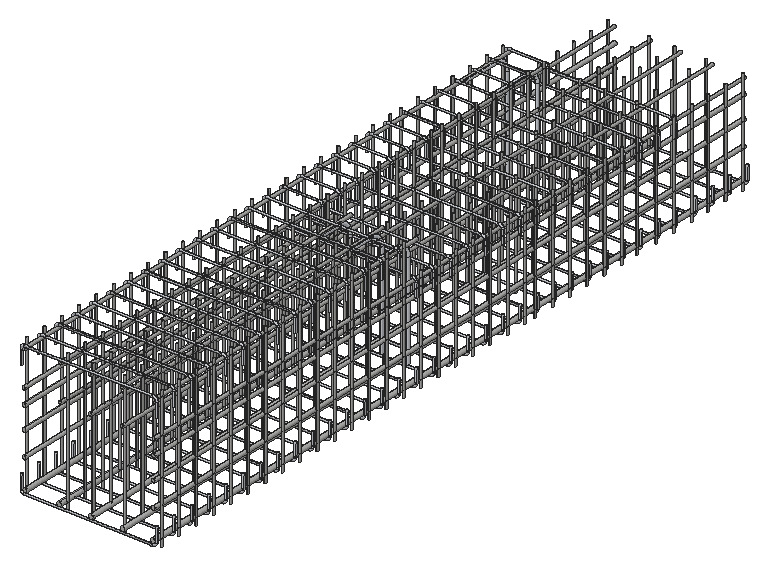
Revit family "261_Каркас пространственный КП4", category Обобщенные модели, Revit 2016 (continued)
Definition of nested family "261_Каркас плоский КР 32"
  Nested families
    nested 30: "361_Арматурная форма 1" at (4170, 377.5, 0) x (0, 1, 0) z (0, 0, 1), Орг.ИдентификацияЭлемента1 <- "Орг.ИдентификацияЭлемента1", Орг.ИдентификацияЭлемента <- "Орг.ИдентификацияЭлемента", Мрк.МаркаКонструкции <- "Мрк.МаркаКонструкции", Мрк.МаркаИзделия3 <- "Мрк.МаркаИзделия3", Мрк.МаркаИзделия2 <- "Мрк.МаркаИзделия2", Мрк.МаркаИзделия1 <- "Мрк.МаркаИзделия1", Мрк.МаркаИзделия <- "Мрк.МаркаИзделия", Орг.УровеньТекстовый <- "Орг.УровеньТекстовый", Орг.ОбознчТома(Комплекта) <- "Орг.ОбознчТома(Комплекта)", Орг.НомерЛистаЭлемента <- "Орг.НомерЛистаЭлемента", type "Параметрический"
      with Рзм.Длина 725 mm, Рзм.Диаметр 12 mm, Орг.УровеньТекстовый "", Орг.ОбознчТома(Комплекта) "", Орг.НомерЛистаЭлемента "", Орг.ИзделиеТипПодсчета 2, Орг.ИдентификацияЭлемента1 "", Орг.ИдентификацияЭлемента "", Мрк.Обозначение "ГОСТ 5781-82", Мрк.Наименование "Ø12 А240 ГОСТ 5781-82", Мрк.МаркаКонструкции "", Мрк.МаркаИзделия3 "", Мрк.МаркаИзделия2 "", Мрк.МаркаИзделия1 "", Мрк.МаркаИзделия "", Мрк.Марка "6", Арм.РазмерR 0 mm, Арм.РазмерJ 0 mm, Арм.РазмерG 0 mm, Арм.РазмерF 0 mm, Арм.РазмерE 0 mm, Арм.РазмерD 0 mm, Арм.РазмерC 0 mm, Арм.РазмерB 0 mm, Арм.РазмерA 725 mm, Арм.ПогМетрыВкл no, Арм.КоэфНахлеста 1, Арм.Класс 1240
    nested 31: "361_Арматурная форма 1" at (4335, 377.5, 0) x (0, 1, 0) z (0, 0, 1), Орг.ИдентификацияЭлемента1 <- "Орг.ИдентификацияЭлемента1", Орг.ИдентификацияЭлемента <- "Орг.ИдентификацияЭлемента", Мрк.МаркаКонструкции <- "Мрк.МаркаКонструкции", Мрк.МаркаИзделия3 <- "Мрк.МаркаИзделия3", Мрк.МаркаИзделия2 <- "Мрк.МаркаИзделия2", Мрк.МаркаИзделия1 <- "Мрк.МаркаИзделия1", Мрк.МаркаИзделия <- "Мрк.МаркаИзделия", Орг.УровеньТекстовый <- "Орг.УровеньТекстовый", Орг.ОбознчТома(Комплекта) <- "Орг.ОбознчТома(Комплекта)", Орг.НомерЛистаЭлемента <- "Орг.НомерЛистаЭлемента", type "Параметрический"
      with Рзм.Длина 725 mm, Рзм.Диаметр 12 mm, Орг.УровеньТекстовый "", Орг.ОбознчТома(Комплекта) "", Орг.НомерЛистаЭлемента "", Орг.ИзделиеТипПодсчета 2, Орг.ИдентификацияЭлемента1 "", Орг.ИдентификацияЭлемента "", Мрк.Обозначение "ГОСТ 5781-82", Мрк.Наименование "Ø12 А240 ГОСТ 5781-82", Мрк.МаркаКонструкции "", Мрк.МаркаИзделия3 "", Мрк.МаркаИзделия2 "", Мрк.МаркаИзделия1 "", Мрк.МаркаИзделия "", Мрк.Марка "6", Арм.РазмерR 0 mm, Арм.РазмерJ 0 mm, Арм.РазмерG 0 mm, Арм.РазмерF 0 mm, Арм.РазмерE 0 mm, Арм.РазмерD 0 mm, Арм.РазмерC 0 mm, Арм.РазмерB 0 mm, Арм.РазмерA 725 mm, Арм.ПогМетрыВкл no, Арм.КоэфНахлеста 1, Арм.Класс 1240
    nested 32: "361_Арматурная форма 1" at (4485, 377.5, 0) x (0, 1, 0) z (0, 0, 1), Орг.ИдентификацияЭлемента1 <- "Орг.ИдентификацияЭлемента1", Орг.ИдентификацияЭлемента <- "Орг.ИдентификацияЭлемента", Мрк.МаркаКонструкции <- "Мрк.МаркаКонструкции", Мрк.МаркаИзделия3 <- "Мрк.МаркаИзделия3", Мрк.МаркаИзделия2 <- "Мрк.МаркаИзделия2", Мрк.МаркаИзделия1 <- "Мрк.МаркаИзделия1", Мрк.МаркаИзделия <- "Мрк.МаркаИзделия", Орг.УровеньТекстовый <- "Орг.УровеньТекстовый", Орг.ОбознчТома(Комплекта) <- "Орг.ОбознчТома(Комплекта)", Орг.НомерЛистаЭлемента <- "Орг.НомерЛистаЭлемента", type "Параметрический"
      with Рзм.Длина 725 mm, Рзм.Диаметр 12 mm, Орг.УровеньТекстовый "", Орг.ОбознчТома(Комплекта) "", Орг.НомерЛистаЭлемента "", Орг.ИзделиеТипПодсчета 2, Орг.ИдентификацияЭлемента1 "", Орг.ИдентификацияЭлемента "", Мрк.Обозначение "ГОСТ 5781-82", Мрк.Наименование "Ø12 А240 ГОСТ 5781-82", Мрк.МаркаКонструкции "", Мрк.МаркаИзделия3 "", Мрк.МаркаИзделия2 "", Мрк.МаркаИзделия1 "", Мрк.МаркаИзделия "", Мрк.Марка "6", Арм.РазмерR 0 mm, Арм.РазмерJ 0 mm, Арм.РазмерG 0 mm, Арм.РазмерF 0 mm, Арм.РазмерE 0 mm, Арм.РазмерD 0 mm, Арм.РазмерC 0 mm, Арм.РазмерB 0 mm, Арм.РазмерA 725 mm, Арм.ПогМетрыВкл no, Арм.КоэфНахлеста 1, Арм.Класс 1240
    nested 33: "361_Арматурная форма 1" at (4645, 377.5, 0) x (0, 1, 0) z (0, 0, 1), Орг.ИдентификацияЭлемента1 <- "Орг.ИдентификацияЭлемента1", Орг.ИдентификацияЭлемента <- "Орг.ИдентификацияЭлемента", Мрк.МаркаКонструкции <- "Мрк.МаркаКонструкции", Мрк.МаркаИзделия3 <- "Мрк.МаркаИзделия3", Мрк.МаркаИзделия2 <- "Мрк.МаркаИзделия2", Мрк.МаркаИзделия1 <- "Мрк.МаркаИзделия1", Мрк.МаркаИзделия <- "Мрк.МаркаИзделия", Орг.УровеньТекстовый <- "Орг.УровеньТекстовый", Орг.ОбознчТома(Комплекта) <- "Орг.ОбознчТома(Комплекта)", Орг.НомерЛистаЭлемента <- "Орг.НомерЛистаЭлемента", type "Параметрический"
      with Рзм.Длина 725 mm, Рзм.Диаметр 12 mm, Орг.УровеньТекстовый "", Орг.ОбознчТома(Комплекта) "", Орг.НомерЛистаЭлемента "", Орг.ИзделиеТипПодсчета 2, Орг.ИдентификацияЭлемента1 "", Орг.ИдентификацияЭлемента "", Мрк.Обозначение "ГОСТ 5781-82", Мрк.Наименование "Ø12 А240 ГОСТ 5781-82", Мрк.МаркаКонструкции "", Мрк.МаркаИзделия3 "", Мрк.МаркаИзделия2 "", Мрк.МаркаИзделия1 "", Мрк.МаркаИзделия "", Мрк.Марка "6", Арм.РазмерR 0 mm, Арм.РазмерJ 0 mm, Арм.РазмерG 0 mm, Арм.РазмерF 0 mm, Арм.РазмерE 0 mm, Арм.РазмерD 0 mm, Арм.РазмерC 0 mm, Арм.РазмерB 0 mm, Арм.РазмерA 725 mm, Арм.ПогМетрыВкл no, Арм.КоэфНахлеста 1, Арм.Класс 1240
    nested 34: "361_Арматурная форма 1" at (4785, 377.5, 0) x (0, 1, 0) z (0, 0, 1), Орг.ИдентификацияЭлемента1 <- "Орг.ИдентификацияЭлемента1", Орг.ИдентификацияЭлемента <- "Орг.ИдентификацияЭлемента", Мрк.МаркаКонструкции <- "Мрк.МаркаКонструкции", Мрк.МаркаИзделия3 <- "Мрк.МаркаИзделия3", Мрк.МаркаИзделия2 <- "Мрк.МаркаИзделия2", Мрк.МаркаИзделия1 <- "Мрк.МаркаИзделия1", Мрк.МаркаИзделия <- "Мрк.МаркаИзделия", Орг.УровеньТекстовый <- "Орг.УровеньТекстовый", Орг.ОбознчТома(Комплекта) <- "Орг.ОбознчТома(Комплекта)", Орг.НомерЛистаЭлемента <- "Орг.НомерЛистаЭлемента", type "Параметрический"
      with Рзм.Длина 725 mm, Рзм.Диаметр 12 mm, Орг.УровеньТекстовый "", Орг.ОбознчТома(Комплекта) "", Орг.НомерЛистаЭлемента "", Орг.ИзделиеТипПодсчета 2, Орг.ИдентификацияЭлемента1 "", Орг.ИдентификацияЭлемента "", Мрк.Обозначение "ГОСТ 5781-82", Мрк.Наименование "Ø12 А240 ГОСТ 5781-82", Мрк.МаркаКонструкции "", Мрк.МаркаИзделия3 "", Мрк.МаркаИзделия2 "", Мрк.МаркаИзделия1 "", Мрк.МаркаИзделия "", Мрк.Марка "6", Арм.РазмерR 0 mm, Арм.РазмерJ 0 mm, Арм.РазмерG 0 mm, Арм.РазмерF 0 mm, Арм.РазмерE 0 mm, Арм.РазмерD 0 mm, Арм.РазмерC 0 mm, Арм.РазмерB 0 mm, Арм.РазмерA 725 mm, Арм.ПогМетрыВкл no, Арм.КоэфНахлеста 1, Арм.Класс 1240
    nested 35: "361_Арматурная форма 1" at (4935, 377.5, 0) x (0, 1, 0) z (0, 0, 1), Орг.ИдентификацияЭлемента1 <- "Орг.ИдентификацияЭлемента1", Орг.ИдентификацияЭлемента <- "Орг.ИдентификацияЭлемента", Мрк.МаркаКонструкции <- "Мрк.МаркаКонструкции", Мрк.МаркаИзделия3 <- "Мрк.МаркаИзделия3", Мрк.МаркаИзделия2 <- "Мрк.МаркаИзделия2", Мрк.МаркаИзделия1 <- "Мрк.МаркаИзделия1", Мрк.МаркаИзделия <- "Мрк.МаркаИзделия", Орг.УровеньТекстовый <- "Орг.УровеньТекстовый", Орг.ОбознчТома(Комплекта) <- "Орг.ОбознчТома(Комплекта)", Орг.НомерЛистаЭлемента <- "Орг.НомерЛистаЭлемента", type "Параметрический"
      with Рзм.Длина 725 mm, Рзм.Диаметр 12 mm, Орг.УровеньТекстовый "", Орг.ОбознчТома(Комплекта) "", Орг.НомерЛистаЭлемента "", Орг.ИзделиеТипПодсчета 2, Орг.ИдентификацияЭлемента1 "", Орг.ИдентификацияЭлемента "", Мрк.Обозначение "ГОСТ 5781-82", Мрк.Наименование "Ø12 А240 ГОСТ 5781-82", Мрк.МаркаКонструкции "", Мрк.МаркаИзделия3 "", Мрк.МаркаИзделия2 "", Мрк.МаркаИзделия1 "", Мрк.МаркаИзделия "", Мрк.Марка "6", Арм.РазмерR 0 mm, Арм.РазмерJ 0 mm, Арм.РазмерG 0 mm, Арм.РазмерF 0 mm, Арм.РазмерE 0 mm, Арм.РазмерD 0 mm, Арм.РазмерC 0 mm, Арм.РазмерB 0 mm, Арм.РазмерA 725 mm, Арм.ПогМетрыВкл no, Арм.КоэфНахлеста 1, Арм.Класс 1240
    nested 36: "361_Арматурная форма 1" at (5085, 377.5, 0) x (0, 1, 0) z (0, 0, 1), Орг.ИдентификацияЭлемента1 <- "Орг.ИдентификацияЭлемента1", Орг.ИдентификацияЭлемента <- "Орг.ИдентификацияЭлемента", Мрк.МаркаКонструкции <- "Мрк.МаркаКонструкции", Мрк.МаркаИзделия3 <- "Мрк.МаркаИзделия3", Мрк.МаркаИзделия2 <- "Мрк.МаркаИзделия2", Мрк.МаркаИзделия1 <- "Мрк.МаркаИзделия1", Мрк.МаркаИзделия <- "Мрк.МаркаИзделия", Орг.УровеньТекстовый <- "Орг.УровеньТекстовый", Орг.ОбознчТома(Комплекта) <- "Орг.ОбознчТома(Комплекта)", Орг.НомерЛистаЭлемента <- "Орг.НомерЛистаЭлемента", type "Параметрический"
      with Рзм.Длина 725 mm, Рзм.Диаметр 12 mm, Орг.УровеньТекстовый "", Орг.ОбознчТома(Комплекта) "", Орг.НомерЛистаЭлемента "", Орг.ИзделиеТипПодсчета 2, Орг.ИдентификацияЭлемента1 "", Орг.ИдентификацияЭлемента "", Мрк.Обозначение "ГОСТ 5781-82", Мрк.Наименование "Ø12 А240 ГОСТ 5781-82", Мрк.МаркаКонструкции "", Мрк.МаркаИзделия3 "", Мрк.МаркаИзделия2 "", Мрк.МаркаИзделия1 "", Мрк.МаркаИзделия "", Мрк.Марка "6", Арм.РазмерR 0 mm, Арм.РазмерJ 0 mm, Арм.РазмерG 0 mm, Арм.РазмерF 0 mm, Арм.РазмерE 0 mm, Арм.РазмерD 0 mm, Арм.РазмерC 0 mm, Арм.РазмерB 0 mm, Арм.РазмерA 725 mm, Арм.ПогМетрыВкл no, Арм.КоэфНахлеста 1, Арм.Класс 1240
    nested 37: "361_Арматурная форма 1" at (1137.5, 940, -16) x (-1, 0, 0) z (0, 0, 1), Орг.ИдентификацияЭлемента1 <- "Орг.ИдентификацияЭлемента1", Орг.ИдентификацияЭлемента <- "Орг.ИдентификацияЭлемента", Мрк.МаркаКонструкции <- "Мрк.МаркаКонструкции", Мрк.МаркаИзделия3 <- "Мрк.МаркаИзделия3", Мрк.МаркаИзделия2 <- "Мрк.МаркаИзделия2", Мрк.МаркаИзделия1 <- "Мрк.МаркаИзделия1", Мрк.МаркаИзделия <- "Мрк.МаркаИзделия", Орг.УровеньТекстовый <- "Орг.УровеньТекстовый", Орг.ОбознчТома(Комплекта) <- "Орг.ОбознчТома(Комплекта)", Орг.НомерЛистаЭлемента <- "Орг.НомерЛистаЭлемента", type "Параметрический"
      with Рзм.Длина 2275 mm, Рзм.Диаметр 20 mm, Орг.УровеньТекстовый "", Орг.ОбознчТома(Комплекта) "", Орг.НомерЛистаЭлемента "", Орг.ИзделиеТипПодсчета 2, Орг.ИдентификацияЭлемента1 "", Орг.ИдентификацияЭлемента "", Мрк.Обозначение "ГОСТ 5781-82", Мрк.Наименование "Ø20 А240 ГОСТ 5781-82", Мрк.МаркаКонструкции "", Мрк.МаркаИзделия3 "", Мрк.МаркаИзделия2 "", Мрк.МаркаИзделия1 "", Мрк.МаркаИзделия "", Мрк.Марка "4", Арм.РазмерR 0 mm, Арм.РазмерJ 0 mm, Арм.РазмерG 0 mm, Арм.РазмерF 0 mm, Арм.РазмерE 0 mm, Арм.РазмерD 0 mm, Арм.РазмерC 0 mm, Арм.РазмерB 0 mm, Арм.РазмерA 2275 mm, Арм.ПогМетрыВкл no, Арм.КоэфНахлеста 1, Арм.Класс 1240
    nested 38: "361_Арматурная форма 1" at (125, 500, 0) x (-1, 0, 0) z (0, 0, 1), type "Параметрический", not visible
      with Рзм.Длина 4225 mm, Рзм.Диаметр 10 mm, Орг.УровеньТекстовый "", Орг.ОбознчТома(Комплекта) "", Орг.НомерЛистаЭлемента "", Орг.ИзделиеТипПодсчета 1, Орг.ИдентификацияЭлемента1 "", Орг.ИдентификацияЭлемента "", Мрк.Обозначение "ГОСТ 5781-82", Мрк.Наименование "Ø10 А240 ГОСТ 5781-82", Мрк.МаркаКонструкции "", Мрк.МаркаИзделия3 "", Мрк.МаркаИзделия2 "", Мрк.МаркаИзделия1 "", Мрк.МаркаИзделия "", Мрк.Марка "", Арм.РазмерR 0 mm, Арм.РазмерJ 0 mm, Арм.РазмерG 0 mm, Арм.РазмерF 0 mm, Арм.РазмерE 0 mm, Арм.РазмерD 0 mm, Арм.РазмерC 0 mm, Арм.РазмерB 0 mm, Арм.РазмерA 4225 mm, Арм.ПогМетрыВкл no, Арм.КоэфНахлеста 1, Арм.Класс 1240
    nested 39: "361_Арматурная форма 1" at (2560, 695, -16) x (-1, 0, 0) z (0, 0, 1), Орг.ИдентификацияЭлемента1 <- "Орг.ИдентификацияЭлемента1", Орг.ИдентификацияЭлемента <- "Орг.ИдентификацияЭлемента", Мрк.МаркаКонструкции <- "Мрк.МаркаКонструкции", Мрк.МаркаИзделия3 <- "Мрк.МаркаИзделия3", Мрк.МаркаИзделия2 <- "Мрк.МаркаИзделия2", Мрк.МаркаИзделия1 <- "Мрк.МаркаИзделия1", Мрк.МаркаИзделия <- "Мрк.МаркаИзделия", Орг.УровеньТекстовый <- "Орг.УровеньТекстовый", Орг.ОбознчТома(Комплекта) <- "Орг.ОбознчТома(Комплекта)", Орг.НомерЛистаЭлемента <- "Орг.НомерЛистаЭлемента", type "Параметрический"
      with Рзм.Длина 5120 mm, Рзм.Диаметр 20 mm, Орг.УровеньТекстовый "", Орг.ОбознчТома(Комплекта) "", Орг.НомерЛистаЭлемента "", Орг.ИзделиеТипПодсчета 2, Орг.ИдентификацияЭлемента1 "", Орг.ИдентификацияЭлемента "", Мрк.Обозначение "ГОСТ 5781-82", Мрк.Наименование "Ø20 А240 ГОСТ 5781-82", Мрк.МаркаКонструкции "", Мрк.МаркаИзделия3 "", Мрк.МаркаИзделия2 "", Мрк.МаркаИзделия1 "", Мрк.МаркаИзделия "", Мрк.Марка "3", Арм.РазмерR 0 mm, Арм.РазмерJ 0 mm, Арм.РазмерG 0 mm, Арм.РазмерF 0 mm, Арм.РазмерE 0 mm, Арм.РазмерD 0 mm, Арм.РазмерC 0 mm, Арм.РазмерB 0 mm, Арм.РазмерA 5120 mm, Арм.ПогМетрыВкл no, Арм.КоэфНахлеста 1, Арм.Класс 1240
    nested 40: "361_Арматурная форма 1" at (2560, 60, -22) x (-1, 0, 0) z (0, 0, 1), Орг.ИдентификацияЭлемента1 <- "Орг.ИдентификацияЭлемента1", Орг.ИдентификацияЭлемента <- "Орг.ИдентификацияЭлемента", Мрк.МаркаКонструкции <- "Мрк.МаркаКонструкции", Мрк.МаркаИзделия3 <- "Мрк.МаркаИзделия3", Мрк.МаркаИзделия2 <- "Мрк.МаркаИзделия2", Мрк.МаркаИзделия1 <- "Мрк.МаркаИзделия1", Мрк.МаркаИзделия <- "Мрк.МаркаИзделия", Орг.УровеньТекстовый <- "Орг.УровеньТекстовый", Орг.ОбознчТома(Комплекта) <- "Орг.ОбознчТома(Комплекта)", Орг.НомерЛистаЭлемента <- "Орг.НомерЛистаЭлемента", type "Параметрический"
      with Рзм.Длина 5120 mm, Рзм.Диаметр 32 mm, Орг.УровеньТекстовый "", Орг.ОбознчТома(Комплекта) "", Орг.НомерЛистаЭлемента "", Орг.ИзделиеТипПодсчета 2, Орг.ИдентификацияЭлемента1 "", Орг.ИдентификацияЭлемента "", Мрк.Обозначение "ГОСТ 5781-82", Мрк.Наименование "Арматура не специфицирована", Мрк.МаркаКонструкции "", Мрк.МаркаИзделия3 "", Мрк.МаркаИзделия2 "", Мрк.МаркаИзделия1 "", Мрк.МаркаИзделия "", Мрк.Марка "1", Арм.РазмерR 0 mm, Арм.РазмерJ 0 mm, Арм.РазмерG 0 mm, Арм.РазмерF 0 mm, Арм.РазмерE 0 mm, Арм.РазмерD 0 mm, Арм.РазмерC 0 mm, Арм.РазмерB 0 mm, Арм.РазмерA 5120 mm, Арм.ПогМетрыВкл no, Арм.КоэфНахлеста 1, Арм.Класс 1240
    nested 41: "361_Арматурная форма 1" at (2560, 590, -18.5) x (-1, 0, 0) z (0, 0, 1), Орг.ИдентификацияЭлемента1 <- "Орг.ИдентификацияЭлемента1", Орг.ИдентификацияЭлемента <- "Орг.ИдентификацияЭлемента", Мрк.МаркаКонструкции <- "Мрк.МаркаКонструкции", Мрк.МаркаИзделия3 <- "Мрк.МаркаИзделия3", Мрк.МаркаИзделия2 <- "Мрк.МаркаИзделия2", Мрк.МаркаИзделия1 <- "Мрк.МаркаИзделия1", Мрк.МаркаИзделия <- "Мрк.МаркаИзделия", Орг.УровеньТекстовый <- "Орг.УровеньТекстовый", Орг.ОбознчТома(Комплекта) <- "Орг.ОбознчТома(Комплекта)", Орг.НомерЛистаЭлемента <- "Орг.НомерЛистаЭлемента", type "Параметрический"
      with Рзм.Длина 5120 mm, Рзм.Диаметр 25 mm, Орг.УровеньТекстовый "", Орг.ОбознчТома(Комплекта) "", Орг.НомерЛистаЭлемента "", Орг.ИзделиеТипПодсчета 2, Орг.ИдентификацияЭлемента1 "", Орг.ИдентификацияЭлемента "", Мрк.Обозначение "ГОСТ 5781-82", Мрк.Наименование "Арматура не специфицирована", Мрк.МаркаКонструкции "", Мрк.МаркаИзделия3 "", Мрк.МаркаИзделия2 "", Мрк.МаркаИзделия1 "", Мрк.МаркаИзделия "", Мрк.Марка "2", Арм.РазмерR 0 mm, Арм.РазмерJ 0 mm, Арм.РазмерG 0 mm, Арм.РазмерF 0 mm, Арм.РазмерE 0 mm, Арм.РазмерD 0 mm, Арм.РазмерC 0 mm, Арм.РазмерB 0 mm, Арм.РазмерA 5120 mm, Арм.ПогМетрыВкл no, Арм.КоэфНахлеста 1, Арм.Класс 1240
    nested 42: "361_Арматурная форма 1" at (2560, 435, -18.5) x (-1, 0, 0) z (0, 0, 1), Орг.ИдентификацияЭлемента1 <- "Орг.ИдентификацияЭлемента1", Орг.ИдентификацияЭлемента <- "Орг.ИдентификацияЭлемента", Мрк.МаркаКонструкции <- "Мрк.МаркаКонструкции", Мрк.МаркаИзделия3 <- "Мрк.МаркаИзделия3", Мрк.МаркаИзделия2 <- "Мрк.МаркаИзделия2", Мрк.МаркаИзделия1 <- "Мрк.МаркаИзделия1", Мрк.МаркаИзделия <- "Мрк.МаркаИзделия", Орг.УровеньТекстовый <- "Орг.УровеньТекстовый", Орг.ОбознчТома(Комплекта) <- "Орг.ОбознчТома(Комплекта)", Орг.НомерЛистаЭлемента <- "Орг.НомерЛистаЭлемента", type "Параметрический"
      with Рзм.Длина 5120 mm, Рзм.Диаметр 25 mm, Орг.УровеньТекстовый "", Орг.ОбознчТома(Комплекта) "", Орг.НомерЛистаЭлемента "", Орг.ИзделиеТипПодсчета 2, Орг.ИдентификацияЭлемента1 "", Орг.ИдентификацияЭлемента "", Мрк.Обозначение "ГОСТ 5781-82", Мрк.Наименование "Арматура не специфицирована", Мрк.МаркаКонструкции "", Мрк.МаркаИзделия3 "", Мрк.МаркаИзделия2 "", Мрк.МаркаИзделия1 "", Мрк.МаркаИзделия "", Мрк.Марка "2", Арм.РазмерR 0 mm, Арм.РазмерJ 0 mm, Арм.РазмерG 0 mm, Арм.РазмерF 0 mm, Арм.РазмерE 0 mm, Арм.РазмерD 0 mm, Арм.РазмерC 0 mm, Арм.РазмерB 0 mm, Арм.РазмерA 5120 mm, Арм.ПогМетрыВкл no, Арм.КоэфНахлеста 1, Арм.Класс 1240
    nested 43: "361_Арматурная форма 1" at (2560, 265, -18.5) x (-1, 0, 0) z (0, 0, 1), Орг.ИдентификацияЭлемента1 <- "Орг.ИдентификацияЭлемента1", Орг.ИдентификацияЭлемента <- "Орг.ИдентификацияЭлемента", Мрк.МаркаКонструкции <- "Мрк.МаркаКонструкции", Мрк.МаркаИзделия3 <- "Мрк.МаркаИзделия3", Мрк.МаркаИзделия2 <- "Мрк.МаркаИзделия2", Мрк.МаркаИзделия1 <- "Мрк.МаркаИзделия1", Мрк.МаркаИзделия <- "Мрк.МаркаИзделия", Орг.УровеньТекстовый <- "Орг.УровеньТекстовый", Орг.ОбознчТома(Комплекта) <- "Орг.ОбознчТома(Комплекта)", Орг.НомерЛистаЭлемента <- "Орг.НомерЛистаЭлемента", type "Параметрический"
      with Рзм.Длина 5120 mm, Рзм.Диаметр 25 mm, Орг.УровеньТекстовый "", Орг.ОбознчТома(Комплекта) "", Орг.НомерЛистаЭлемента "", Орг.ИзделиеТипПодсчета 2, Орг.ИдентификацияЭлемента1 "", Орг.ИдентификацияЭлемента "", Мрк.Обозначение "ГОСТ 5781-82", Мрк.Наименование "Арматура не специфицирована", Мрк.МаркаКонструкции "", Мрк.МаркаИзделия3 "", Мрк.МаркаИзделия2 "", Мрк.МаркаИзделия1 "", Мрк.МаркаИзделия "", Мрк.Марка "2", Арм.РазмерR 0 mm, Арм.РазмерJ 0 mm, Арм.РазмерG 0 mm, Арм.РазмерF 0 mm, Арм.РазмерE 0 mm, Арм.РазмерD 0 mm, Арм.РазмерC 0 mm, Арм.РазмерB 0 mm, Арм.РазмерA 5120 mm, Арм.ПогМетрыВкл no, Арм.КоэфНахлеста 1, Арм.Класс 1240
  Definition of nested family "361_Арматурная форма 1"
    Parameters (values of type "Параметрический")
      Рзм.Длина [instance] = Арм.РазмерA  # 495 mm
      Рзм.Диаметр [instance] = 10 mm
      Default Elevation = 100 mm
      Орг.УровеньТекстовый [instance] = ""
      Орг.ОбознчТома(Комплекта) [instance] = ""
      Орг.НомерЛистаЭлемента [instance] = ""
      Орг.ИзделиеТипПодсчета [instance] = 1
      Орг.ИдентификацияЭлемента1 [instance] = ""
      Орг.ИдентификацияЭлемента [instance] = ""
      Мсв.Количество = 1  # constant formula
      Мрк.Обозначение [instance] = if(Арм.Класс = 1240, "ГОСТ 5781-82", if(Арм.Класс = 1400, "ГОСТ 5781-82", if(Арм.Класс = 150019, " ГОСТ Р 52544-2006", if(Арм.Класс = 160019, " СТО АСЧМ 7-93", "Арматура не специфицирована"))))  # "ГОСТ 5781-82"
      Мрк.Наименование [instance] = if(and(Арм.Класс = 1240, Рзм.Диаметр = 6 mm), "Ø6 А240 ГОСТ 5781-82", if(and(Арм.Класс = 1240, Рзм.Диаметр = 8 mm), "Ø8 А240 ГОСТ 5781-82", if(and(Арм.Класс = 1240, Рзм.Диаметр = 10 mm), "Ø10 А240 ГОСТ 5781-82", if(and(Арм.Класс = 1240, Рзм.Диаметр = 12 mm), "Ø12 А240 ГОСТ 5781-82", if(and(Арм.Класс = 1240, Рзм.Диаметр = 14 mm), "Ø14 А240 ГОСТ 5781-82", if(and(Арм.Класс = 1240, Рзм.Диаметр = 16 mm), "Ø16 А240 ГОСТ 5781-82", if(and(Арм.Класс = 1240, Рзм.Диаметр = 18 mm), "Ø18 А240 ГОСТ 5781-82", if(and(Арм.Класс = 1240, Рзм.Диаметр = 20 mm), "Ø20 А240 ГОСТ 5781-82", if(and(Арм.Класс = 1400, Рзм.Диаметр = 6 mm), "Ø6 А400 ГОСТ 5781-82", if(and(Арм.Класс = 1400, Рзм.Диаметр = 8 mm), "Ø8 А400 ГОСТ 5781-82", if(and(Арм.Класс = 1400, Рзм.Диаметр = 10 mm), "Ø10 А400 ГОСТ 5781-82", if(and(Арм.Класс = 1400, Рзм.Диаметр = 12 mm), "Ø12 А400 ГОСТ 5781-82", if(and(Арм.Класс = 1400, Рзм.Диаметр = 14 mm), "Ø14 А400 ГОСТ 5781-82", if(and(Арм.Класс = 1400, Рзм.Диаметр = 16 mm), "Ø16 А400 ГОСТ 5781-82", if(and(Арм.Класс = 1400, Рзм.Диаметр = 18 mm), "Ø18 А400 ГОСТ 5781-82", if(and(Арм.Класс = 1400, Рзм.Диаметр = 20 mm), "Ø20 А400 ГОСТ 5781-82", if(and(Арм.Класс = 1400, Рзм.Диаметр = 22 mm), "Ø22 А400 ГОСТ 5781-82", if(and(Арм.Класс = 1400, Рзм.Диаметр = 25 mm), "Ø25 А400 ГОСТ 5781-82", if(and(Арм.Класс = 1400, Рзм.Диаметр = 28 mm), "Ø28 А400 ГОСТ 5781-82", if(and(Арм.Класс = 1400, Рзм.Диаметр = 32 mm), "Ø32 А400 ГОСТ 5781-82", if(and(Арм.Класс = 1400, Рзм.Диаметр = 36 mm), "Ø36 А400 ГОСТ 5781-82", if(and(Арм.Класс = 1400, Рзм.Диаметр = 40 mm), "Ø40 А400 ГОСТ 5781-82", if(and(Арм.Класс = 150019, Рзм.Диаметр = 10 mm), "Ø10 А500С ГОСТ Р 52544-2006", if(and(Арм.Класс = 150019, Рзм.Диаметр = 12 mm), "Ø12 А500С ГОСТ Р 52544-2006", if(and(Арм.Класс = 150019, Рзм.Диаметр = 14 mm), "Ø14 А500С ГОСТ Р 52544-2006", if(and(Арм.Класс = 150019, Рзм.Диаметр = 16 mm), "Ø16 А500С ГОСТ Р 52544-2006", if(and(Арм.Класс = 150019, Рзм.Диаметр = 18 mm), "Ø18 А500С ГОСТ Р 52544-2006", if(and(Арм.Класс = 150019, Рзм.Диаметр = 20 mm), "Ø20 А500С ГОСТ Р 52544-2006", if(and(Арм.Класс = 150019, Рзм.Диаметр = 22 mm), "Ø22 А500С ГОСТ Р 52544-2006", if(and(Арм.Класс = 150019, Рзм.Диаметр = 25 mm), "Ø25 А500С ГОСТ Р 52544-2006", if(and(Арм.Класс = 150019, Рзм.Диаметр = 28 mm), "Ø28 А500С ГОСТ Р 52544-2006", if(and(Арм.Класс = 150019, Рзм.Диаметр = 32 mm), "Ø32 А500С ГОСТ Р 52544-2006", if(and(Арм.Класс = 150019, Рзм.Диаметр = 36 mm), "Ø36 А500С ГОСТ Р 52544-2006", if(and(Арм.Класс = 150019, Рзм.Диаметр = 40 mm), "Ø40 А500С ГОСТ Р 52544-2006", if(and(Арм.Класс = 160019, Рзм.Диаметр = 10 mm), "Ø10 А600С СТО АСЧМ 7-93", if(and(Арм.Класс = 160019, Рзм.Диаметр = 12 mm), "Ø12 А600С СТО АСЧМ 7-93", if(and(Арм.Класс = 160019, Рзм.Диаметр = 14 mm), "Ø14 А600С СТО АСЧМ 7-93", if(and(Арм.Класс = 160019, Рзм.Диаметр = 16 mm), "Ø16 А600С СТО АСЧМ 7-93", if(and(Арм.Класс = 160019, Рзм.Диаметр = 18 mm), "Ø18 А600С СТО АСЧМ 7-93", if(and(Арм.Класс = 160019, Рзм.Диаметр = 20 mm), "Ø20 А600С СТО АСЧМ 7-93", if(and(Арм.Класс = 160019, Рзм.Диаметр = 22 mm), "Ø22 А600С СТО АСЧМ 7-93", if(and(Арм.Класс = 160019, Рзм.Диаметр = 25 mm), "Ø25 А600С СТО АСЧМ 7-93", if(and(Арм.Класс = 160019, Рзм.Диаметр = 28 mm), "Ø28 А600С СТО АСЧМ 7-93", if(and(Арм.Класс = 160019, Рзм.Диаметр = 32 mm), "Ø32 А600С СТО АСЧМ 7-93", if(and(Арм.Класс = 160019, Рзм.Диаметр = 36 mm), "Ø36 А600С СТО АСЧМ 7-93", if(and(Арм.Класс = 160019, Рзм.Диаметр = 40 mm), "Ø40 А600С СТО АСЧМ 7-93", "Арматура не специфицирована"))))))))))))))))))))))))))))))))))))))))))))))  # "Ø10 А240 ГОСТ 5781-82"
      Мрк.МаркаКонструкции [instance] = ""
      Мрк.МаркаИзделия3 [instance] = ""
      Мрк.МаркаИзделия2 [instance] = ""
      Мрк.МаркаИзделия1 [instance] = ""
      Мрк.МаркаИзделия [instance] = ""
      Мрк.Марка [instance] = ""
      Type Comments = ""
      Арм.РазмерR [instance] = 0 mm
      Арм.РазмерJ [instance] = 0 mm
      Арм.РазмерG [instance] = 0 mm
      Арм.РазмерF [instance] = 0 mm
      Арм.РазмерE [instance] = 0 mm
      Арм.РазмерD [instance] = 0 mm
      Арм.РазмерC [instance] = 0 mm
      Арм.РазмерB [instance] = 0 mm
      Арм.РазмерA [instance] = 495 mm
      Арм.ПогМетрыВкл [instance] = no
      Арм.КоэфНахлеста [instance] = 1
      Арм.Класс [instance] = 1240
      Арм.ВыполненаСемейством = 1 = 1  # yes
    Reference planes
      plane 1 "Вперед/Назад": y = 0
      plane 2 "Опорный уровень": z = 0
      plane 3: x = 0
      plane 4 "Правая": x = 247.5
      plane 5 "Левая": x = -247.5
    Forms (mm)
      Sweep 1, solid, detail levels medium+fine
        path origin (0, 0, 0) x (1, 0, 0) y (0, 1, 0)
          loop
            line (-247.5, 0) -> (247.5, 0)
        profile origin (0, 0, 0) x (0, 1, 0) y (0, 0, 1)
          loop
            circle (0, 0) r 5
    Dimensions and locks
      "Арм.РазмерA": plane 5 "Левая" to plane 4 "Правая"
      equal spacing: plane 5 "Левая", plane 3, plane 4 "Правая"
      "Рзм.Диаметр": diameter of Sweep 1 sketch curve
      aligned and locked: plane 4 "Правая" to Sweep 1 sketch curve
      aligned and locked: plane 1 "Вперед/Назад" to Sweep 1 sketch curve
      aligned and locked: plane 5 "Левая" to Sweep 1 sketch curve
    Automatic sketch dimensions
      Sweep 1 sketch curve to level = 0 mm
      Sweep 1 sketch curve to profile plane = 0 mm
    Nested families
      nested 1: "Разрез сетржня" at (0, 0, 0) x (0, -1, 0) z (1, 0, 0), type "Разрез сетржня", detail levels medium+fine
        with Диаметр 10 mm
    Definition of nested family "Разрез сетржня"
      Parameters (values of type "Разрез сетржня")
        Диаметр = 600 mm
      Reference planes
        plane 1 "По центру (Вперед/Назад)": y = 0
        plane 2: z = 0
        plane 3 "По центру (Влево/Вправо)": x = 0
      Lines and regions (mm)
        Filled region 1, type "Сплошная заливка - Черный", in view "Опорный уровень"
          outline origin (0, 0, 0) x (1, 0, 0) y (0, 1, 0)
            loop
              circle (0, 0) r 300
        detail lines, in view "Опорный уровень"
          curve 1: circle (0, 0, 0) r 300 normal (0, 0, 1)
      Dimensions and locks
        "Диаметр": diameter of curve 1
        aligned and locked: Filled region 1 sketch curve to curve 1
      Automatic sketch dimensions
        plane 1 "По центру (Вперед/Назад)" to curve 1 = 0 mm
        curve 1 to plane 3 "По центру (Влево/Вправо)" = 0 mm
  Definition of nested family "361_Арматурная форма 2"
    Parameters (values of type "Параметрический")
      Рзм.РасчетныйРадиус [instance] = Арм.РазмерR + Рзм.Диаметр / 2  # 105 mm
      Рзм.Длина [instance] = Арм.РазмерA + Арм.РазмерB - 2 * (Арм.РазмерR * tan(90.00° / 2)) + ((Арм.РазмерR * pi() * 90.00°) / 180.00°)  # 972.08 mm
      Рзм.Диаметр [instance] = 10 mm
      Default Elevation = 1219.2 mm
      Орг.УровеньТекстовый [instance] = ""
      Орг.ОбознчТома(Комплекта) [instance] = ""
      Орг.НомерЛистаЭлемента [instance] = ""
      Орг.ИзделиеТипПодсчета [instance] = 0
      Орг.ИдентификацияЭлемента2 [instance] = ""
      Орг.ИдентификацияЭлемента1 [instance] = ""
      Орг.ИдентификацияЭлемента [instance] = ""
      Мсв.Количество [instance] = 1  # constant formula
      Мрк.Обозначение [instance] = if(Арм.Класс = 1240, "ГОСТ 5781-82", if(Арм.Класс = 1400, "ГОСТ 5781-82", if(Арм.Класс = 150019, " ГОСТ Р 52544-2006", if(Арм.Класс = 160019, " СТО АСЧМ 7-93", "Арматура не специфицирована"))))  # "ГОСТ 5781-82"
      Мрк.Наименование [instance] = if(and(Арм.Класс = 1240, Рзм.Диаметр = 6 mm), "Ø6 А240 ГОСТ 5781-82", if(and(Арм.Класс = 1240, Рзм.Диаметр = 8 mm), "Ø8 А240 ГОСТ 5781-82", if(and(Арм.Класс = 1240, Рзм.Диаметр = 10 mm), "Ø10 А240 ГОСТ 5781-82", if(and(Арм.Класс = 1240, Рзм.Диаметр = 12 mm), "Ø12 А240 ГОСТ 5781-82", if(and(Арм.Класс = 1240, Рзм.Диаметр = 14 mm), "Ø14 А240 ГОСТ 5781-82", if(and(Арм.Класс = 1240, Рзм.Диаметр = 16 mm), "Ø16 А240 ГОСТ 5781-82", if(and(Арм.Класс = 1240, Рзм.Диаметр = 18 mm), "Ø18 А240 ГОСТ 5781-82", if(and(Арм.Класс = 1240, Рзм.Диаметр = 20 mm), "Ø20 А240 ГОСТ 5781-82", if(and(Арм.Класс = 1400, Рзм.Диаметр = 6 mm), "Ø6 А400 ГОСТ 5781-82", if(and(Арм.Класс = 1400, Рзм.Диаметр = 8 mm), "Ø8 А400 ГОСТ 5781-82", if(and(Арм.Класс = 1400, Рзм.Диаметр = 10 mm), "Ø10 А400 ГОСТ 5781-82", if(and(Арм.Класс = 1400, Рзм.Диаметр = 12 mm), "Ø12 А400 ГОСТ 5781-82", if(and(Арм.Класс = 1400, Рзм.Диаметр = 14 mm), "Ø14 А400 ГОСТ 5781-82", if(and(Арм.Класс = 1400, Рзм.Диаметр = 16 mm), "Ø16 А400 ГОСТ 5781-82", if(and(Арм.Класс = 1400, Рзм.Диаметр = 18 mm), "Ø18 А400 ГОСТ 5781-82", if(and(Арм.Класс = 1400, Рзм.Диаметр = 20 mm), "Ø20 А400 ГОСТ 5781-82", if(and(Арм.Класс = 1400, Рзм.Диаметр = 22 mm), "Ø22 А400 ГОСТ 5781-82", if(and(Арм.Класс = 1400, Рзм.Диаметр = 25 mm), "Ø25 А400 ГОСТ 5781-82", if(and(Арм.Класс = 1400, Рзм.Диаметр = 28 mm), "Ø28 А400 ГОСТ 5781-82", if(and(Арм.Класс = 1400, Рзм.Диаметр = 32 mm), "Ø32 А400 ГОСТ 5781-82", if(and(Арм.Класс = 1400, Рзм.Диаметр = 36 mm), "Ø36 А400 ГОСТ 5781-82", if(and(Арм.Класс = 1400, Рзм.Диаметр = 40 mm), "Ø40 А400 ГОСТ 5781-82", if(and(Арм.Класс = 150019, Рзм.Диаметр = 10 mm), "Ø10 А500С ГОСТ Р 52544-2006", if(and(Арм.Класс = 150019, Рзм.Диаметр = 12 mm), "Ø12 А500С ГОСТ Р 52544-2006", if(and(Арм.Класс = 150019, Рзм.Диаметр = 14 mm), "Ø14 А500С ГОСТ Р 52544-2006", if(and(Арм.Класс = 150019, Рзм.Диаметр = 16 mm), "Ø16 А500С ГОСТ Р 52544-2006", if(and(Арм.Класс = 150019, Рзм.Диаметр = 18 mm), "Ø18 А500С ГОСТ Р 52544-2006", if(and(Арм.Класс = 150019, Рзм.Диаметр = 20 mm), "Ø20 А500С ГОСТ Р 52544-2006", if(and(Арм.Класс = 150019, Рзм.Диаметр = 22 mm), "Ø22 А500С ГОСТ Р 52544-2006", if(and(Арм.Класс = 150019, Рзм.Диаметр = 25 mm), "Ø25 А500С ГОСТ Р 52544-2006", if(and(Арм.Класс = 150019, Рзм.Диаметр = 28 mm), "Ø28 А500С ГОСТ Р 52544-2006", if(and(Арм.Класс = 150019, Рзм.Диаметр = 32 mm), "Ø32 А500С ГОСТ Р 52544-2006", if(and(Арм.Класс = 150019, Рзм.Диаметр = 36 mm), "Ø36 А500С ГОСТ Р 52544-2006", if(and(Арм.Класс = 150019, Рзм.Диаметр = 40 mm), "Ø40 А500С ГОСТ Р 52544-2006", if(and(Арм.Класс = 160019, Рзм.Диаметр = 10 mm), "Ø10 А600С СТО АСЧМ 7-93", if(and(Арм.Класс = 160019, Рзм.Диаметр = 12 mm), "Ø12 А600С СТО АСЧМ 7-93", if(and(Арм.Класс = 160019, Рзм.Диаметр = 14 mm), "Ø14 А600С СТО АСЧМ 7-93", if(and(Арм.Класс = 160019, Рзм.Диаметр = 16 mm), "Ø16 А600С СТО АСЧМ 7-93", if(and(Арм.Класс = 160019, Рзм.Диаметр = 18 mm), "Ø18 А600С СТО АСЧМ 7-93", if(and(Арм.Класс = 160019, Рзм.Диаметр = 20 mm), "Ø20 А600С СТО АСЧМ 7-93", if(and(Арм.Класс = 160019, Рзм.Диаметр = 22 mm), "Ø22 А600С СТО АСЧМ 7-93", if(and(Арм.Класс = 160019, Рзм.Диаметр = 25 mm), "Ø25 А600С СТО АСЧМ 7-93", if(and(Арм.Класс = 160019, Рзм.Диаметр = 28 mm), "Ø28 А600С СТО АСЧМ 7-93", if(and(Арм.Класс = 160019, Рзм.Диаметр = 32 mm), "Ø32 А600С СТО АСЧМ 7-93", if(and(Арм.Класс = 160019, Рзм.Диаметр = 36 mm), "Ø36 А600С СТО АСЧМ 7-93", if(and(Арм.Класс = 160019, Рзм.Диаметр = 40 mm), "Ø40 А600С СТО АСЧМ 7-93", "Арматура не специфицирована"))))))))))))))))))))))))))))))))))))))))))))))  # "Ø10 А240 ГОСТ 5781-82"
      Мрк.МаркаКонструкции [instance] = ""
      Мрк.МаркаИзделия3 [instance] = ""
      Мрк.МаркаИзделия2 [instance] = ""
      Мрк.МаркаИзделия1 [instance] = ""
      Мрк.МаркаИзделия [instance] = ""
      Мрк.Марка [instance] = ""
      Type Comments = ""
      Арм.ЭскизФормы = 0
      Арм.РазмерR [instance] = 100 mm
      Арм.РазмерJ [instance] = 0 mm
      Арм.РазмерG [instance] = 0 mm
      Арм.РазмерF [instance] = 0 mm
      Арм.РазмерE [instance] = 0 mm
      Арм.РазмерD [instance] = 0 mm
      Арм.РазмерC [instance] = 0 mm
      Арм.РазмерB [instance] = 520 mm
      Арм.РазмерA [instance] = 495 mm
      Арм.ПогМетрыВкл [instance] = no
      Арм.КоэфНахлеста [instance] = 1
      Арм.Класс [instance] = 1240
      Арм.ВыполненаСемейством = 1 = 1  # yes
    Reference planes
      plane 1 "Спереди": y = 0
      plane 2: z = 0
      plane 3 "Лево/Право": x = 0
      plane 4: x = 260
      plane 5: x = -260
      plane 6: y = -495
      plane 7: z = -5
      plane 8: z = 5
      plane 9: x = -265
      plane 10: x = -255
      plane 11: y = -5
      plane 12: y = 5
    Forms (mm)
      Sweep 1, solid, detail levels medium+fine
        path origin (0, 0, 0) x (1, 0, 0) y (0, 1, 0)
          loop
            line (-260, -495) -> (-260, -105)
            arc (-260, -105) -> (-229.246, -30.754) -> (-155, 0) r 105
            line (-155, 0) -> (260, 0)
        profile origin (-260, -300, 0) x (-1, 0, 0) y (0, 0, 1)
          loop
            circle (0, 0) r 5
    Dimensions and locks
      equal spacing: plane 5, plane 3 "Лево/Право", plane 4
      "Арм.РазмерA": plane 6 to plane 1 "Спереди"
      "Арм.РазмерB": plane 5 to plane 4
      equal spacing: plane 8, plane 2, plane 7
      "Рзм.Диаметр": plane 8 to plane 7
      equal spacing: plane 9, plane 5, plane 10
      "Рзм.Диаметр": plane 9 to plane 10
      equal spacing: plane 11, plane 1 "Спереди", plane 12
      "Рзм.Диаметр": plane 12 to plane 11
      "Рзм.Диаметр": diameter of Sweep 1 sketch curve
      "Рзм.РасчетныйРадиус": radius of Sweep 1 sketch curve
      aligned and locked: plane 6 to Sweep 1 sketch curve
      aligned and locked: plane 5 to nested 1
      aligned and locked: nested 1 to plane 2
      aligned and locked: plane 1 "Спереди" to nested 2
      aligned and locked: plane 2 to nested 2
      aligned and locked: plane 4 to Sweep 1 sketch curve
      aligned and locked: Sweep 1 sketch curve to plane 5
      aligned and locked: plane 1 "Спереди" to Sweep 1 sketch curve
    Automatic sketch dimensions
      Sweep 1 sketch curve to level = 0 mm
      Sweep 1 sketch curve to profile plane = 0 mm
    Nested families
      nested 1: "Разрез сетржня" at (-260, 0, 0) x (1, 0, 0) z (0, -1, 0), type "Разрез сетржня", detail levels medium+fine
        with Диаметр 10 mm
      nested 2: "Разрез сетржня" at (0, 0, 0) x (0, -1, 0) z (1, 0, 0), type "Разрез сетржня", detail levels medium+fine
        with Диаметр 10 mm
    Definition of nested family "Разрез сетржня"
      Parameters (values of type "Разрез сетржня")
        Диаметр = 600 mm
      Reference planes
        plane 1 "По центру (Вперед/Назад)": y = 0
        plane 2: z = 0
        plane 3 "По центру (Влево/Вправо)": x = 0
      Lines and regions (mm)
        Filled region 1, type "Сплошная заливка - Черный", in view "Опорный уровень"
          outline origin (0, 0, 0) x (1, 0, 0) y (0, 1, 0)
            loop
              circle (0, 0) r 300
        detail lines, in view "Опорный уровень"
          curve 1: circle (0, 0, 0) r 300 normal (0, 0, 1)
      Dimensions and locks
        "Диаметр": diameter of curve 1
        aligned and locked: Filled region 1 sketch curve to curve 1
      Automatic sketch dimensions
        plane 1 "По центру (Вперед/Назад)" to curve 1 = 0 mm
        curve 1 to plane 3 "По центру (Влево/Вправо)" = 0 mm
